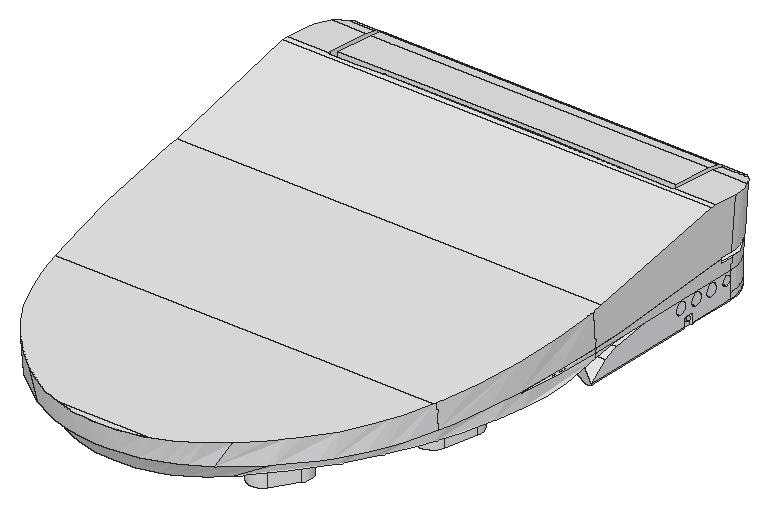
Revit family "Toilet_Seat-Elongated_Closed_Front-Cleansing-KOHLER-C3_1150-K-28362T", category Plumbing Fixtures, host Face, Revit 2021
Family settings
  Host = Face
  Round Connector Dimension = Use Diameter
  Part Type = Normal
  OmniClass Number = 23.31.19.19.17
  OmniClass Title = Water Closet Seats
  Cut with Voids When Loaded = No
  Shared = No
  Room Calculation Point = No
Parameters (values of type "0-White")
  Width = 15 1/16"  # constant formula
  WaterSense Certified = 1 = 0  # no
  Waste Water Outlet = "Waste Water Outlet"  # constant formula
  Waste Connection = 1 = 0  # no
  Voltage = 220 V  # constant formula
  Vent Connection = 1 = 0  # no
  URL = "http://www.kohler.com.cn/"
  Type = 1
  Seat Included = 1 = 1  # yes
  Rough-In = 0"
  Product Page URL = ""
  Product Name = "C3-1150"  # constant formula
  Product Documentation Link = ""
  Pressure = 0.00 psi
  Model = "K-28362T-0"  # constant formula
  Material = "Plastic"  # constant formula
  Master Format 2014 Name = "Residential Water Closets"  # constant formula
  Master Format 2014 = "22 41 13.13"  # constant formula
  Manufacturer Address = "Kohler Beijing Office (100016) 36-2-03-B, No. 88, Liuxiang Road, Beijing"  # constant formula
  Manufacturer = "Kohler Co."  # constant formula
  Length = 20 111/256"  # constant formula
  Hot Water Inlet = "Hot Water Inlet"  # constant formula
  Height = 3.56693"  # constant formula
  HW Connection = 1 = 0  # no
  Flush Rate- LPF = "LPF"  # constant formula
  Flush Rate- GPF = "GPF"  # constant formula
  Flow Rate = 0 GPM
  Finish = Kohler-Plastic-0-White
  Environmental Product Declaration = ""
  Electrical Note = "One Dedicated Circuit Required"  # constant formula
  Electrical Connector = 1 = 1  # yes
  Description = "C3-680 Cleansing Seat"  # constant formula
  Default Elevation = 15"
  Declare Label = ""
  Date Modified = "11/27/2022"  # constant formula
  Date Created = "11/27/2022"  # constant formula
  Copyright = "Copyright Kohler Co."  # constant formula
  Contact Us = "http://www.kohler.com.cn/contact/contact-us/"
  Cold Water Inlet = "Cold Water Inlet"  # constant formula
  CW Connection = 1 = 1  # yes
  Assembly Code = "D2010100"
  Apparent Load = 780 VA  # constant formula
  ADA Compliant = 1 = 0  # no
Reference planes (in)
  plane 1 "Center (Front/Back)": y = 0
  plane 2: z = 0
  plane 3 "Center (Left/Right)": x = 0
  plane 4: z = 0
  plane 5: z = 3.56693
  plane 6: x = -7.5315
  plane 7: x = 7.5315
  plane 8: y = -3.56693
  plane 9: x = -3.94094
  plane 10: x = 3.94094
  plane 11: y = -6.46885
  plane 12: y = -17.89011
  plane 13: y = -0.80315
  plane 14: z = 0
  plane 15: z = 3.56693
  plane 16: z = 1.81102
  plane 17: z = 1.43701
  plane 18: z = 2.77843
  plane 19: z = 0.87826
  plane 20: z = 0.41589
  plane 21: z = -0.91732
  plane 22: y = -20.43359
  plane 23: z = 0.41589
  plane 24: z = 0.87
  plane 25: x = 7.531
  plane 26: y = -2.45809
  plane 27: y = -3.41243
  plane 28: x = 7.31333
  plane 29: x = -7.31333
  plane 30: z = 1.05051
  plane 31: z = 0.4528
  plane 32: z = 0.4528
  plane 33: z = 0.4528
Forms (in)
  Extrusion 1, void
    sketch origin (0, 0, 0) x (0, 1, 0) y (0, 0, 1)
      loop
        line (-4.64786, -1.0251) -> (-3.53436, 0.0884) -> (-5.5782, 0.0884) -> (-4.64786, -1.0251)
    from -1.06073 to 1.10921
  Extrusion 2, void
    sketch origin (0.26563, 0, 0) x (1, 0, 0) y (0, 1, 0)
      loop
        circle (-1.51517, -5.13822) r 0.17977
    from -0.08081 to 0.12172
Dimensions and locks (in)
  host face to plane 4 = 0"
  "Height": level to plane 5
  plane 9 to plane 10 = 7.88189"
  plane 11 to plane 12 = 11.42126"
  level to plane 16 = 1.81102"
  level to plane 17 = 1.43701"
  "Length": plane 22 to plane 1 "Center (Front/Back)"
  "Width": plane 6 to plane 25
  aligned and locked: plane 2 to host face
  aligned and locked: level to host face
  aligned and locked: plane 3 "Center (Left/Right)" to nested 1
  aligned and locked: plane 1 "Center (Front/Back)" to nested 1
  aligned and locked: nested 1 to plane 14
  aligned and locked: plane 14 to level
Automatic sketch dimensions
  host sketch curve to host sketch curve = 96"  (x2)
  Extrusion 2 sketch curve to plane 3 "Center (Left/Right)" = 1.24954"
  plane 11 to Extrusion 2 sketch curve = 1.33063"
  plane 8 to Extrusion 1 sketch curve = 0.03257"
  level to Extrusion 1 sketch curve = 0.0884"
  plane 21 to Extrusion 1 sketch curve = 0.10778"
  Extrusion 1 sketch curve to plane 8 = 1.08093"
  plane 11 to Extrusion 1 sketch curve = 0.89065"
  radius of Extrusion 2 sketch curve = 0.17977"
Nested families (in)
  nested 1: "K-28362T" at (0, 0, -0.91732), type "K-28362T"
Connectors (in)
  piping at (-7.31333, -2.45809, 1.05051), diameter 0.5, driven by "CW Connection", driven by "Cold Water Inlet"
    settings: on nested 1, index 2, connector inside diameter 24", connector length 0", flow factor 0, pipe flow 0 GPM, pressure drop 0.00 psi, fitting loss kfactor 0, connector angle 0.00°, fixture units 0, engagement length 0", angle of deflection 0.00°, flow configuration 0, flow direction 1, fitting loss method 0, system type 20, joint type 0, gender type 0, connector reference index -1, connector utility 1, adjustable connector no, is connector primary yes, connector description "Cold Water Inlet"
  electrical at (7.31333, -3.41243, 0.4528), driven by "Electrical Connector", driven by "Electrical Note", driven by "Voltage", driven by "Apparent Load"
    settings: on nested 1, index 3, voltage 220 V, apparent load 780 VA, apparent load phase1 0 VA, apparent load phase2 0 VA, apparent load phase3 0 VA, power factor 1, load classification "Power", number of poles 1, system type 30, power factor state 1, is connector primary yes, connector utility yes, sub classification motor no, connector description "One Dedicated Circuit Required"
Definition of nested family "K-28362T"
  Parameters (values of type "K-28362T")
    Material = none
    HC = no
    Default Elevation = 0"
  Reference planes (in)
    plane 1 "Center (Front/Back)": y = 0
    plane 2: z = 0
    plane 3 "Center (Left/Right)": x = 0
    plane 4 "A": through (0, -4.15406, 2.4332) normal (0, -0.2824, 0.9593)
    plane 5 "1": through (0, -4.44479, 3.48686) normal (0, -0.2272, 0.9739)
    plane 6: z = 1.12782
    plane 7: z = 3.95289
    plane 8: z = 0
    plane 9: x = -7.5315
    plane 10: x = 7.5315
    plane 11: y = -20.43307
    plane 12: y = -0.80315
    plane 13 "4": through (0, -4.94768, 0.41919) normal (0, -0.7071, -0.7071)
    plane 14 "2": through (0, -4.38689, 0.22976) normal (0, -0.7071, 0.7071)
    plane 15: y = -6.46885
    plane 16: y = -17.89011
    plane 17: x = 3.94094
    plane 18: x = -3.94094
    plane 19: z = 4.48425
    plane 20: z = 0.91732
    plane 21: y = -37.30315
    plane 22: z = 2.72835
    plane 23: z = 2.35433
    plane 24: y = -2.53191
    plane 25: x = 7.50124
    plane 26: x = -7.50327
    plane 27: z = 3.69575
    plane 28: y = 0
    plane 29: y = -3.41243
    plane 30: z = 1.33321
    plane 31: z = 0
    plane 32: z = 1.78733
    plane 33: x = 7.31333
    plane 34: x = -7.31333
    plane 35: y = -2.45809
    plane 36: z = 1.37012
    plane 37: z = 1.96783
  Forms (in)
    Extrusion 1, void
      sketch origin (0, 0, 0) x (1, 0, 0) y (0, 1, 0)
        loop
          line (5.91841, 0.5055) -> (5.91841, -2.22794)
          arc (5.91841, -2.22794) -> (0, -2.17361) -> (-5.91841, -2.2281) r 321.9074
          line (-5.91841, -2.2281) -> (-5.91841, 0.60393) -> (-6.08082, 0.60393) -> (-6.08082, -2.36326)
          arc (-6.08082, -2.36326) -> (-6.03838, -2.46298) -> (-5.93709, -2.50153) r 0.13837
          arc (-5.93709, -2.50153) -> (0.0003, -2.38675) -> (5.93768, -2.50202) r 153.30301
          arc (5.93768, -2.50202) -> (6.03855, -2.46363) -> (6.08082, -2.36433) r 0.1378
          line (6.08082, -2.36433) -> (6.08082, 0.5055) -> (5.91841, 0.5055)
      from 2.68112 to 7.6623
    Extrusion 2, solid, material <- "Material", detail levels medium+fine
      sketch origin (0, 0, 0) x (0, 1, 0) y (0, 0, 1)
        loop
          line (-5.47875, 1.05493) -> (-4.56243, 0.02686) -> (-3.53436, 1.05493) -> (-5.47875, 1.05493)
      from -1.02586 to 1.06291
    Sweep 3, solid, material <- "Material", detail levels medium+fine
      path origin (0, 0, 0) x (1, 0, 0) y (0, 1, 0)
        loop
          line (7.31333, -8.16841) -> (7.31333, -1.5748)
          arc (7.31333, -1.5748) -> (6.85208, -0.46125) -> (5.73853, 0) r 1.5748
          line (5.73853, 0) -> (-5.81333, 0)
          arc (-5.81333, 0) -> (-6.87399, -0.43934) -> (-7.31333, -1.5) r 1.5
          line (-7.31333, -1.5) -> (-7.31333, -7.99606)
      profile origin (-7.31333, -4.74803, 0) x (1, 0, 0) y (0, 0, 1)
        loop
          line (0, 1.38413) -> (0, 1.15841)
          arc (0, 1.15841) -> (0.00565, 1.13731) -> (0.0211, 1.12186) r 0.0422
          line (0.0211, 1.12186) -> (0.33319, 0.94168)
          arc (0.33319, 0.94168) -> (0.37703, 0.92352) -> (0.42408, 0.91732) r 0.18179
          line (0.42408, 0.91732) -> (0.68301, 0.91732) -> (0.68301, 1.38413) -> (0, 1.38413)
    Extrusion 4, solid, material <- "Material", detail levels medium+fine
      sketch origin (0, 0, 0) x (1, 0, 0) y (0, 1, 0)
        loop
          arc (-5.95669, -0.68301) -> (-6.58728, -0.94421) -> (-6.84848, -1.5748) r 0.89179
          line (-6.84848, -1.5748) -> (-6.84848, -7.99606) -> (6.84848, -7.99606) -> (6.84848, -1.5748)
          arc (6.84848, -1.5748) -> (6.58728, -0.94421) -> (5.95669, -0.68301) r 0.89179
          line (5.95669, -0.68301) -> (-5.95669, -0.68301)
      from 0.91732 to 1.38413
    Extrusion 5, void
      sketch origin (0, 0, -0.05469) x (1, 0, 0) y (0, 0, 1)
        loop
          arc (-6.49631, 2.77136) -> (-6.26963, 2.7976) -> (-6.04144, 2.79893) r 2.08579
          line (-6.04144, 2.79893) -> (-6.04144, 3.13675)
          arc (-6.04144, 3.13675) -> (-6.21672, 3.13193) -> (-6.39033, 3.1073) r 1.5473
          arc (-6.39033, 3.1073) -> (-6.69483, 3.02189) -> (-6.98292, 2.89143) r 2.086
          arc (-6.98292, 2.89143) -> (-7.15579, 2.80875) -> (-7.3367, 2.74553) r 1.74393
          arc (-7.3367, 2.74553) -> (-7.44785, 2.71734) -> (-7.56062, 2.69652) r 1.74393
          arc (-7.56062, 2.69652) -> (-7.7236, 2.64352) -> (-7.89164, 2.60989) r 1.46679
          arc (-7.89164, 2.60989) -> (-7.81686, 2.5539) -> (-7.72802, 2.52499) r 0.28594
          arc (-7.72802, 2.52499) -> (-7.50668, 2.51864) -> (-7.29034, 2.56584) r 0.91167
          arc (-7.29034, 2.56584) -> (-6.8976, 2.68514) -> (-6.49631, 2.77136) r 4.93078
        loop
          arc (6.49631, 2.77136) -> (6.8976, 2.68514) -> (7.29034, 2.56584) r 4.93078
          arc (7.29034, 2.56584) -> (7.50668, 2.51864) -> (7.72802, 2.52499) r 0.91167
          arc (7.72802, 2.52499) -> (7.81686, 2.5539) -> (7.89164, 2.60989) r 0.28594
          arc (7.89164, 2.60989) -> (7.7236, 2.64352) -> (7.56062, 2.69652) r 1.46679
          arc (7.56062, 2.69652) -> (7.44785, 2.71734) -> (7.3367, 2.74553) r 1.74393
          arc (7.3367, 2.74553) -> (7.15579, 2.80875) -> (6.98292, 2.89143) r 1.74393
          arc (6.98292, 2.89143) -> (6.69483, 3.02189) -> (6.39033, 3.1073) r 2.086
          arc (6.39033, 3.1073) -> (6.21672, 3.13193) -> (6.04144, 3.13675) r 1.5473
          line (6.04144, 3.13675) -> (6.04144, 2.79893)
          arc (6.04144, 2.79893) -> (6.26963, 2.7976) -> (6.49631, 2.77136) r 2.08579
      from -0.13429 to 2.04421
    Extrusion 6, solid, material <- "Material"
      sketch origin (0.08093, 0, 0) x (1, 0, 0) y (0, 1, 0)
        loop
          arc (6.28907, -11.44968) -> (5.90327, -10.79419) -> (5.22825, -11.14469) r 0.55268
          line (5.22825, -11.14469) -> (4.95538, -12.32661)
          arc (4.95538, -12.32661) -> (5.3684, -12.98759) -> (6.02937, -12.57456) r 0.55112
          line (6.02937, -12.57456) -> (6.28907, -11.44968)
        loop
          line (-6.48592, -11.44968) -> (-6.22622, -12.57456)
          arc (-6.22622, -12.57456) -> (-5.56525, -12.98759) -> (-5.15223, -12.32661) r 0.55112
          line (-5.15223, -12.32661) -> (-5.4251, -11.14469)
          arc (-5.4251, -11.14469) -> (-6.10012, -10.79419) -> (-6.48592, -11.44968) r 0.55268
      from 0.91732 to 1.49291
    Extrusion 7, void
      sketch origin (0, 0, 0) x (0, 1, 0) y (0, 0, 1)
        loop
          arc (-2.44346, 4.58365) -> (-1.61512, 4.52879) -> (-0.7883, 4.45443) r 35.22946
          arc (-0.7883, 4.45443) -> (-0.58901, 4.42749) -> (-0.39192, 4.38749) r 3.05569
          arc (-0.39192, 4.38749) -> (-0.1827, 4.2592) -> (-0.09013, 4.03191) r 0.3937
          line (-0.09013, 4.03191) -> (0.07757, 1.63366) -> (0.51402, 1.63366) -> (0.51402, 5.25794) -> (-21.08788, 5.25794) -> (-21.08788, 2.86459)
          arc (-21.08788, 2.86459) -> (-20.4862, 2.86495) -> (-19.88453, 2.86704) r 210.34624
          arc (-19.88453, 2.86704) -> (-16.80236, 2.90473) -> (-13.72108, 2.98757) r 210.34624
          arc (-13.72108, 2.98757) -> (-10.53082, 3.18691) -> (-7.35688, 3.56574) r 56.6922
          arc (-7.35688, 3.56574) -> (-4.98208, 3.99197) -> (-2.63781, 4.56267) r 39.42662
          arc (-2.63781, 4.56267) -> (-2.54148, 4.58104) -> (-2.44346, 4.58365) r 0.60644
      from -9.62549 to 9.84252
    Extrusion 8, void
      sketch origin (0, 0, 0) x (1, 0, 0) y (0, 0, 1)
        loop
          line (3.62375, 2.99049) -> (3.62375, 1.61254) -> (5.63601, 1.61254) -> (5.63601, 2.99049) -> (3.62375, 2.99049)
        loop
          arc (3.64344, 3.06923) -> (3.57384, 3.0404) -> (3.54501, 2.9708) r 0.09843
          line (3.54501, 2.9708) -> (3.54501, 1.63222)
          arc (3.54501, 1.63222) -> (3.57384, 1.56262) -> (3.64344, 1.5338) r 0.09843
          line (3.64344, 1.5338) -> (5.65324, 1.5338)
          arc (5.65324, 1.5338) -> (5.72284, 1.56262) -> (5.75166, 1.63222) r 0.09843
          line (5.75166, 1.63222) -> (5.75166, 2.9708)
          arc (5.75166, 2.9708) -> (5.72284, 3.0404) -> (5.65324, 3.06923) r 0.09843
          line (5.65324, 3.06923) -> (3.64344, 3.06923)
      from -0.39237 to 0.16455
    Revolve 9, solid, material <- "Material", detail levels medium+fine
      sketch origin (0, 0, 0) x (0, 1, 0) y (0, 0, 1)
        loop
          line (-4.68887, -0.0024) -> (-4.53157, 0.08124) -> (-4.96245, 0.51212) -> (-4.68887, -0.0024)
        axis (-4.96245, 0.51212) -> (-4.53157, 0.08124)
      angle from 0 to 360
    Extrusion 10, void
      sketch origin (0, -2.26425, -2.26425) x (0, -0.707107, 0.707107) y (-1, 0, 0)
        loop
          line (4.40423, 0.84314) -> (4.52101, 0.87443) -> (2.89015, 0.87443) -> (2.89015, -0.87669) -> (4.52101, -0.87669) -> (4.52101, -0.8454) -> (3.087, -0.8454) -> (3.087, 0.84314) -> (4.40423, 0.84314)
      from -0.09025 to 0.67689
    Extrusion 11, void
      sketch origin (0, -2.30833, 2.30833) x (0, 0.707107, 0.707107) y (-1, 0, 0)
        loop
          line (-3.1742, -1.21901) -> (-3.1742, 1.19132) -> (-3.43784, 1.19132) -> (-3.43784, -1.21901) -> (-3.1742, -1.21901)
      from -0.09514 to 0.23435
    Extrusion 12, solid, material <- "Material"
      sketch origin (0, 0, 0) x (1, 0, 0) y (0, 1, 0)
        loop
          line (-4.25501, -16.52036) -> (-3.70463, -17.33634)
          arc (-3.70463, -17.33634) -> (-3.02144, -17.46914) -> (-2.88865, -16.78596) r 0.49213
          line (-2.88865, -16.78596) -> (-3.43903, -15.96997)
          arc (-3.43903, -15.96997) -> (-4.12222, -15.83718) -> (-4.25501, -16.52036) r 0.49213
        loop
          arc (4.25964, -16.52036) -> (4.12684, -15.83718) -> (3.44366, -15.96997) r 0.49213
          line (3.44366, -15.96997) -> (2.89327, -16.78596)
          arc (2.89327, -16.78596) -> (3.02607, -17.46914) -> (3.70925, -17.33634) r 0.49213
          line (3.70925, -17.33634) -> (4.25964, -16.52036)
      from 0.91732 to 1.49291
    Extrusion 13, void
      sketch origin (0, -0.24606, 0) x (1, 0, 0) y (0, 1, 0)
        loop
          arc (-3.01457, -5.68304) -> (-5.74362, -6.60076) -> (-8.24284, -8.03037) r 14.77384
          line (-8.24284, -8.03037) -> (8.17796, -8.03037)
          arc (8.17796, -8.03037) -> (4.92674, -6.1476) -> (1.25856, -5.33535) r 12.28646
          arc (1.25856, -5.33535) -> (-0.89068, -5.35337) -> (-3.01457, -5.68304) r 14.77384
      from -1.71563 to 1.71758
    Extrusion 14, void
      sketch origin (0, 0, 0) x (0, 1, 0) y (0, 0, 1)
        loop
          line (-8.59995, 0.37029) -> (-7.01965, 1.65)
          arc (-7.01965, 1.65) -> (-6.79687, 1.78589) -> (-6.54621, 1.85846) r 0.98425
          arc (-6.54621, 1.85846) -> (-5.49558, 2.03486) -> (-4.45175, 2.24789) r 30.46563
          arc (-4.45175, 2.24789) -> (-5.5682, 2.14306) -> (-6.68491, 2.04112) r 433.66908
          arc (-6.68491, 2.04112) -> (-7.37733, 1.94727) -> (-8.05852, 1.79159) r 7.77016
          arc (-8.05852, 1.79159) -> (-8.74373, 1.64) -> (-9.44096, 1.56027) r 6.75965
          arc (-9.44096, 1.56027) -> (-10.3103, 1.51257) -> (-11.18022, 1.47726) r 61.15216
          arc (-11.18022, 1.47726) -> (-12.35109, 1.44412) -> (-13.52225, 1.42306) r 113.58514
          arc (-13.52225, 1.42306) -> (-14.6389, 1.41231) -> (-15.75559, 1.40873) r 174.11127
          line (-15.75559, 1.40873) -> (-19.66799, 1.40873)
          arc (-19.66799, 1.40873) -> (-20.43129, 1.42997) -> (-21.19222, 1.49363) r 13.72485
          line (-21.19222, 1.49363) -> (-21.19222, 0.1505) -> (-8.59995, 0.37029)
      from -8.53725 to 9.58816
    Extrusion 15, void
      sketch origin (0, 0, 0) x (0, 1, 0) y (0, 0, -1)
        loop
          line (-2.04421, -2.64648) -> (-2.01591, -2.61818)
          arc (-2.01591, -2.61818) -> (-4.18902, -2.35864) -> (-6.3741, -2.23539) r 35.00923
          arc (-6.3741, -2.23539) -> (-8.43404, -2.17117) -> (-10.49304, -2.08188) r 169.35089
          arc (-10.49304, -2.08188) -> (-11.97639, -2.03188) -> (-13.46057, -2.02857) r 47.17689
          arc (-13.46057, -2.02857) -> (-15.19471, -2.0536) -> (-16.9288, -2.08188) r 927.827
          line (-16.9288, -2.08188) -> (-12.99405, -2.08188)
          arc (-12.99405, -2.08188) -> (-11.7449, -2.10586) -> (-10.49607, -2.14301) r 118.48811
          arc (-10.49607, -2.14301) -> (-8.43563, -2.21006) -> (-6.37489, -2.26688) r 415.27458
          arc (-6.37489, -2.26688) -> (-4.20363, -2.38916) -> (-2.04421, -2.64648) r 34.88561
      from -9.69979 to -5.91841
    Extrusion 16, void
      sketch origin (0, 0, 0) x (1, 0, 0) y (0, 1, 0)
        loop
          arc (-3.13197, -7.40143) -> (-3.65095, -7.99233) -> (-3.97572, -8.70859) r 2.67568
          arc (-3.97572, -8.70859) -> (-4.18662, -9.98022) -> (-4.10502, -11.26663) r 5.67325
          arc (-4.10502, -11.26663) -> (-3.70389, -13.11659) -> (-3.16953, -14.93254) r 26.05869
          arc (-3.16953, -14.93254) -> (-2.51301, -16.26917) -> (-1.52589, -17.38415) r 5.5713
          arc (-1.52589, -17.38415) -> (0.01763, -17.95819) -> (1.56115, -17.38415) r 2.3622
          arc (1.56115, -17.38415) -> (2.54828, -16.26917) -> (3.20479, -14.93254) r 5.5713
          arc (3.20479, -14.93254) -> (3.73916, -13.11659) -> (4.14028, -11.26663) r 26.05869
          arc (4.14028, -11.26663) -> (4.22188, -9.98022) -> (4.01099, -8.70859) r 5.67325
          arc (4.01099, -8.70859) -> (3.68622, -7.99233) -> (3.16724, -7.40143) r 2.67568
          arc (3.16724, -7.40143) -> (0.01763, -6.24708) -> (-3.13197, -7.40143) r 4.87396
      from 0.45537 to 2.32037
    Extrusion 17, solid, material <- "Material", detail levels medium+fine
      sketch origin (0, 0, 0) x (1, 0, 0) y (0, 1, 0)
        loop
          line (6.99399, -6.34927) -> (6.99399, -3.33566) -> (-6.90799, -3.33566) -> (-6.90799, -6.34927)
          arc (-6.90799, -6.34927) -> (0.043, -5.24838) -> (6.99399, -6.34927) r 22.49465
      from 1.77908 to 2.08188
    Extrusion 18, void
      sketch origin (0, 0, 0) x (0, 1, 0) y (0, 0, 1)
        loop
          arc (-1.75643, 1.78851) -> (-2.44933, 2.4487) -> (-3.12425, 1.77014) r 0.68413
          line (-3.12425, 1.77014) -> (-3.12425, 1.27281) -> (-3.03539, 1.27281) -> (-3.03539, 1.0267) -> (-2.9505, 1.0267) -> (-2.9435, 1.22721)
          arc (-2.9435, 1.22721) -> (-2.9291, 1.25955) -> (-2.89629, 1.27281) r 0.04724
          line (-2.89629, 1.27281) -> (-1.93905, 1.27281)
          arc (-1.93905, 1.27281) -> (-1.90565, 1.25897) -> (-1.89181, 1.22556) r 0.04724
          line (-1.89181, 1.22556) -> (-1.89181, 1.0267) -> (-1.80976, 1.0267) -> (-1.81979, 1.31399) -> (-1.73986, 1.31399) -> (-1.75643, 1.78851)
      from -7.717 to -7.26433
    Extrusion 19, void
      sketch origin (0, 0, 0) x (0, 1, 0) y (0, 0, 1)
        loop
          arc (-3.21131, 1.41207) -> (-3.23438, 1.46775) -> (-3.29005, 1.49081) r 0.07874
          line (-3.29005, 1.49081) -> (-3.54651, 1.49081)
          arc (-3.54651, 1.49081) -> (-3.60219, 1.46775) -> (-3.62525, 1.41207) r 0.07874
          line (-3.62525, 1.41207) -> (-3.62525, 0.99722) -> (-3.21131, 0.99722) -> (-3.21131, 1.41207)
        loop
          circle (-3.42184, 1.31728) r 0.05906
      from -7.85962 to -7.26433
    Extrusion 20, void
      sketch origin (0, 0, 0) x (1, 0, 0) y (0, 0, 1)
        loop
          line (3.42335, 1.45052) -> (1.41798, 1.45052) -> (1.41798, 0.8935) -> (3.42335, 0.9986) -> (3.42335, 1.45052)
        loop
          line (-3.31542, 1.36631) -> (-3.31542, 0.77576) -> (-1.43891, 0.77576) -> (-1.43891, 1.36631) -> (-3.31542, 1.36631)
      from -0.72251 to 0.16455
    Extrusion 21, void
      sketch origin (0, 0, 0) x (1, 0, 0) y (0, 0, 1)
        loop
          arc (0.18328, 1.66189) -> (0.00181, 1.84336) -> (-0.17967, 1.66189) r 0.18147
          line (-0.17967, 1.66189) -> (-0.17967, 0.77576) -> (0.18328, 0.77576) -> (0.18328, 1.66189)
        loop
          circle (0.00181, 1.66189) r 0.0663
        loop
          arc (-6.01751, 1.58807) -> (-6.19898, 1.76955) -> (-6.38045, 1.58807) r 0.18147
          line (-6.38045, 1.58807) -> (-6.38045, 0.77576) -> (-6.01751, 0.77576) -> (-6.01751, 1.58807)
        loop
          circle (-6.19898, 1.58807) r 0.0663
        loop
          arc (6.38407, 1.58807) -> (6.20259, 1.76955) -> (6.02112, 1.58807) r 0.18147
          line (6.02112, 1.58807) -> (6.02112, 0.75499) -> (6.38407, 0.75499) -> (6.38407, 1.58807)
        loop
          circle (6.20259, 1.58807) r 0.0663
      from -0.41876 to 0.16455
    Extrusion 22, void
      sketch origin (0, 0, 0) x (0, 1, 0) y (0, 0, 1)
        loop
          circle (-3.74729, 1.83353) r 0.20472
        loop
          circle (-3.06994, 1.83353) r 0.20472
        loop
          circle (-2.41479, 1.83353) r 0.20472
        loop
          circle (-1.75244, 1.83353) r 0.15748
        loop
          line (-3.62584, 1.41402) -> (-3.62584, 0.85381) -> (-3.20754, 0.85381) -> (-3.20754, 1.41402)
          arc (-3.20754, 1.41402) -> (-3.2306, 1.4697) -> (-3.28628, 1.49276) r 0.07874
          line (-3.28628, 1.49276) -> (-3.5471, 1.49276)
          arc (-3.5471, 1.49276) -> (-3.60278, 1.4697) -> (-3.62584, 1.41402) r 0.07874
        loop
          circle (-3.74729, 1.83353) r 0.19685
        loop
          circle (-3.06994, 1.83353) r 0.19685
        loop
          circle (-2.41479, 1.83353) r 0.19685
        loop
          circle (-1.75244, 1.83353) r 0.14961
      from 7.15244 to 7.84264
    Extrusion 23, solid, material <- "Material", detail levels medium+fine
      sketch origin (0, 0.07382, 0.17224) x (0, 1, 0) y (0, 0, 1)
        loop
          circle (-2.53191, 1.79559) r 0.19685
      from -7.31333 to -7.24747
    Extrusion 24, solid, material <- "Material"
      sketch origin (0.30664, 0, 0) x (1, 0, 0) y (0, 1, 0)
        loop
          circle (-1.55618, -5.13822) r 0.1702
      from 0.84881 to 0.91732
    Blend 25, solid, material <- "Material", detail levels medium+fine
      base sketch origin (0, 0, 0) x (1, 0, 0) y (0, 1, 0)
        loop
          line (-7.31333, -1.5748) -> (-7.31333, -7.46952)
          arc (-7.31333, -7.46952) -> (-7.06697, -11.05046) -> (-6.33252, -14.56392) r 26.14799
          arc (-6.33252, -14.56392) -> (-5.03506, -17.1877) -> (-2.87868, -19.16702) r 7.97865
          arc (-2.87868, -19.16702) -> (0.16449, -19.97981) -> (3.141, -18.94933) r 5.37906
          arc (3.141, -18.94933) -> (5.40289, -16.56202) -> (6.66704, -13.52602) r 9.08795
          arc (6.66704, -13.52602) -> (7.1513, -10.51497) -> (7.31333, -7.46952) r 28.70152
          line (7.31333, -7.46952) -> (7.31333, -1.5748)
          arc (7.31333, -1.5748) -> (6.85208, -0.46125) -> (5.73853, 0) r 1.5748
          line (5.73853, 0) -> (-5.73853, 0)
          arc (-5.73853, 0) -> (-6.85208, -0.46125) -> (-7.31333, -1.5748) r 1.5748
      top sketch origin (0, 0, 0) x (1, 0, 0) y (0, 1, 0)
        loop
          line (-7.5315, -1.5748) -> (-7.5315, -7.90027)
          arc (-7.5315, -7.90027) -> (-7.22961, -11.47029) -> (-6.33252, -14.93892) r 21.25984
          arc (-6.33252, -14.93892) -> (-5.51719, -16.76571) -> (-4.4134, -18.43412) r 12.16097
          arc (-4.4134, -18.43412) -> (0.21858, -20.58097) -> (4.68432, -18.10685) r 5.63676
          arc (4.68432, -18.10685) -> (5.83833, -16.08061) -> (6.66704, -13.90102) r 15.11957
          arc (6.66704, -13.90102) -> (7.31427, -10.93162) -> (7.5315, -7.90027) r 21.25984
          line (7.5315, -7.90027) -> (7.5315, -1.5748)
          arc (7.5315, -1.5748) -> (7.07025, -0.46125) -> (5.95669, 0) r 1.5748
          line (5.95669, 0) -> (-5.95669, 0)
          arc (-5.95669, 0) -> (-7.07025, -0.46125) -> (-7.5315, -1.5748) r 1.5748
      from 2.08188 to 4.81616
    Blend 26, solid, material <- "Material", detail levels medium+fine
      base sketch origin (0, 0, 0) x (1, 0, 0) y (0, 1, 0)
        loop
          line (5.73853, 0) -> (-5.81333, 0)
          arc (-5.81333, 0) -> (-6.87399, -0.43934) -> (-7.31333, -1.5) r 1.5
          line (-7.31333, -1.5) -> (-7.31333, -7.46952)
          arc (-7.31333, -7.46952) -> (-6.2174, -13.20012) -> (-3.08429, -18.12196) r 15.53062
          arc (-3.08429, -18.12196) -> (0.01642, -19.45688) -> (3.11208, -18.1103) r 4.25
          arc (3.11208, -18.1103) -> (6.22499, -13.18959) -> (7.31333, -7.46952) r 15.57591
          line (7.31333, -7.46952) -> (7.31333, -1.5748)
          arc (7.31333, -1.5748) -> (6.85208, -0.46125) -> (5.73853, 0) r 1.5748
      top sketch origin (0, 0, 0) x (1, 0, 0) y (0, 1, 0)
        loop
          line (5.73853, 0) -> (-5.73853, 0)
          arc (-5.73853, 0) -> (-6.85208, -0.46125) -> (-7.31333, -1.5748) r 1.5748
          line (-7.31333, -1.5748) -> (-7.31333, -7.46952)
          arc (-7.31333, -7.46952) -> (-6.55943, -12.69804) -> (-4.35914, -17.50059) r 18.50754
          arc (-4.35914, -17.50059) -> (0.12419, -19.90461) -> (4.54054, -17.37964) r 5.25
          arc (4.54054, -17.37964) -> (6.60707, -12.61488) -> (7.31333, -7.46952) r 19.09608
          line (7.31333, -7.46952) -> (7.31333, -1.5748)
          arc (7.31333, -1.5748) -> (6.85208, -0.46125) -> (5.73853, 0) r 1.5748
      from 1.38413 to 2.08188
    Extrusion 27, void
      sketch origin (0, 0, 0) x (0, 1, 0) y (0, 0, 1)
        loop
          arc (-2.04421, 2.64648) -> (-4.20363, 2.38916) -> (-6.37489, 2.26688) r 34.88561
          arc (-6.37489, 2.26688) -> (-8.43563, 2.21006) -> (-10.49607, 2.14301) r 415.27458
          arc (-10.49607, 2.14301) -> (-11.7449, 2.10586) -> (-12.99405, 2.08188) r 118.48811
          line (-12.99405, 2.08188) -> (-16.9288, 2.08188)
          arc (-16.9288, 2.08188) -> (-15.19471, 2.0536) -> (-13.46057, 2.02857) r 927.827
          arc (-13.46057, 2.02857) -> (-11.97639, 2.03188) -> (-10.49304, 2.08188) r 47.17689
          arc (-10.49304, 2.08188) -> (-8.43404, 2.17117) -> (-6.3741, 2.23539) r 169.35089
          arc (-6.3741, 2.23539) -> (-4.18902, 2.35864) -> (-2.01591, 2.61818) r 35.00923
          line (-2.01591, 2.61818) -> (-2.04421, 2.64648)
      from -9.69979 to -4.58168
    Extrusion 28, solid, material <- "Material", detail levels medium+fine
      sketch origin (0, 0.01845, 0.03691) x (0, 1, 0) y (0, 0, 1)
        loop
          circle (-3.43088, 1.33321) r 0.06821
      from 7.18379 to 7.31333
    Extrusion 29, solid, material <- "Material", detail levels coarse
      sketch origin (0, 0, 0) x (0, 1, 0) y (0, 0, 1)
        loop
          line (-4.56243, 0.02686) -> (-3.67197, 0.91732) -> (-5.45289, 0.91732) -> (-4.56243, 0.02686)
      from -1.02586 to 1.06291
    Extrusion 30, void
      sketch origin (0, 0, 0) x (1, 0, 0) y (0, 1, 0)
        loop
          arc (-3.01457, -5.92911) -> (-4.79958, -6.46155) -> (-6.5034, -7.21437) r 14.77384
          line (-6.5034, -7.21437) -> (6.63221, -7.21437)
          arc (6.63221, -7.21437) -> (4.03994, -6.08673) -> (1.25856, -5.58141) r 12.28646
          arc (1.25856, -5.58141) -> (-0.89068, -5.59943) -> (-3.01457, -5.92911) r 14.77384
      from 1.21979 to 1.91927
    Extrusion 31, solid, material <- "Material", detail levels coarse
      sketch origin (0, 0, 0) x (1, 0, 0) y (0, 1, 0)
        loop
          arc (-7.31333, -7.39455) -> (0.00661, -5.94977) -> (7.31333, -7.45998) r 18.83875
          line (7.31333, -7.45998) -> (7.31333, -1.63273)
          arc (7.31333, -1.63273) -> (6.85208, -0.51918) -> (5.73853, -0.05793) r 1.5748
          line (5.73853, -0.05793) -> (-5.81333, -0.05793)
          arc (-5.81333, -0.05793) -> (-6.87399, -0.49727) -> (-7.31333, -1.55793) r 1.5
          line (-7.31333, -1.55793) -> (-7.31333, -7.39455)
      from 0.91732 to 1.38413
    Blend 32, solid, material <- "Material", detail levels coarse
      base sketch origin (-0.01073, -0.05793, 0) x (1, 0, 0) y (0, 1, 0)
        loop
          line (5.74926, 0) -> (-5.8026, 0)
          arc (-5.8026, 0) -> (-6.86326, -0.43934) -> (-7.3026, -1.5) r 1.5
          line (-7.3026, -1.5) -> (-7.3026, -7.46952)
          arc (-7.3026, -7.46952) -> (-6.20667, -13.20012) -> (-3.07356, -18.12196) r 15.53062
          arc (-3.07356, -18.12196) -> (0.02715, -19.45688) -> (3.12281, -18.1103) r 4.25
          arc (3.12281, -18.1103) -> (6.23572, -13.18959) -> (7.32406, -7.46952) r 15.57591
          line (7.32406, -7.46952) -> (7.32406, -1.5748)
          arc (7.32406, -1.5748) -> (6.86281, -0.46125) -> (5.74926, 0) r 1.5748
      top sketch origin (-0.01073, -0.05793, 0) x (1, 0, 0) y (0, 1, 0)
        loop
          line (5.73853, 0) -> (-5.73853, 0)
          arc (-5.73853, 0) -> (-6.85208, -0.46125) -> (-7.31333, -1.5748) r 1.5748
          line (-7.31333, -1.5748) -> (-7.31333, -7.46952)
          arc (-7.31333, -7.46952) -> (-6.55943, -12.69804) -> (-4.35914, -17.50059) r 18.50754
          arc (-4.35914, -17.50059) -> (0.12419, -19.90461) -> (4.54054, -17.37964) r 5.25
          arc (4.54054, -17.37964) -> (6.60707, -12.61488) -> (7.31333, -7.46952) r 19.09608
          line (7.31333, -7.46952) -> (7.31333, -1.5748)
          arc (7.31333, -1.5748) -> (6.85208, -0.46125) -> (5.73853, 0) r 1.5748
      from 1.38413 to 2.08188
    Blend 33, solid, material <- "Material", detail levels coarse
      base sketch origin (0.05141, -0.05793, 0) x (1, 0, 0) y (0, 1, 0)
        loop
          arc (-5.80067, 0) -> (-6.91422, -0.46125) -> (-7.37547, -1.5748) r 1.5748
          line (-7.37547, -1.5748) -> (-7.37547, -5.70866)
          arc (-7.37547, -5.70866) -> (-7.23918, -9.40589) -> (-6.83104, -13.08305) r 50.21624
          arc (-6.83104, -13.08305) -> (-5.78044, -16.15585) -> (-3.70442, -18.65305) r 8.96814
          arc (-3.70442, -18.65305) -> (0.15076, -19.97434) -> (3.90469, -18.3881) r 5.70866
          arc (3.90469, -18.3881) -> (5.82943, -15.78959) -> (6.78683, -12.70086) r 9.64237
          arc (6.78683, -12.70086) -> (7.13497, -9.19826) -> (7.25119, -5.68032) r 53.30263
          line (7.25119, -5.68032) -> (7.25119, -1.5748)
          arc (7.25119, -1.5748) -> (6.78994, -0.46125) -> (5.67639, 0) r 1.5748
          line (5.67639, 0) -> (-5.80067, 0)
      top sketch origin (0.05141, -0.05793, 0) x (1, 0, 0) y (0, 1, 0)
        loop
          line (-7.5315, -1.5748) -> (-7.5315, -7.90027)
          arc (-7.5315, -7.90027) -> (-7.22961, -11.47029) -> (-6.33252, -14.93892) r 21.25984
          arc (-6.33252, -14.93892) -> (-5.51719, -16.76571) -> (-4.4134, -18.43412) r 12.16097
          arc (-4.4134, -18.43412) -> (0.21858, -20.58097) -> (4.68432, -18.10685) r 5.63676
          arc (4.68432, -18.10685) -> (5.83833, -16.08061) -> (6.66704, -13.90102) r 15.11957
          arc (6.66704, -13.90102) -> (7.31427, -10.93162) -> (7.5315, -7.90027) r 21.25984
          line (7.5315, -7.90027) -> (7.5315, -1.5748)
          arc (7.5315, -1.5748) -> (7.07025, -0.46125) -> (5.95669, 0) r 1.5748
          line (5.95669, 0) -> (-5.95669, 0)
          arc (-5.95669, 0) -> (-7.07025, -0.46125) -> (-7.5315, -1.5748) r 1.5748
      from 2.08188 to 4.81616
  Cuts and joins
    Extrusion 10, Extrusion 11 cuts Extrusion 2
    Extrusion 27 cuts Extrusion 17
    Extrusion 1, Extrusion 5, Extrusion 7, Extrusion 8, Extrusion 15, Extrusion 18, Extrusion 27 cuts Blend 25
    Extrusion 13, Extrusion 14, Extrusion 18, Extrusion 19, Extrusion 20, Extrusion 21, Extrusion 22 cuts Sweep 3
    Extrusion 13, Extrusion 14 cuts Extrusion 4
    Extrusion 8, Extrusion 13, Extrusion 14, Extrusion 16, Extrusion 18, Extrusion 19, Extrusion 20, Extrusion 21, Extrusion 22, Extrusion 27, Extrusion 30 cuts Blend 26
    joined: Sweep 3, Extrusion 4, Blend 26
    Extrusion 14 cuts Blend 32
    Extrusion 7 cuts Blend 33
    joined: Blend 32, Blend 33
    Extrusion 14 cuts Extrusion 31
  Lines and regions (in)
    Masking region 1
      outline origin (0, 0, 0) x (1, 0, 0) y (0, 1, 0)
        loop
          arc (4.20197, -18.63719) -> (5.06646, -17.57973) -> (5.75771, -16.40171) r 8.8395
          arc (5.75771, -16.40171) -> (7.08333, -12.24253) -> (7.5315, -7.90027) r 21.25984
          line (7.5315, -7.90027) -> (7.5315, -1.5748)
          arc (7.5315, -1.5748) -> (7.07025, -0.46125) -> (5.95669, 0) r 1.5748
          line (5.95669, 0) -> (-5.95669, 0)
          arc (-5.95669, 0) -> (-7.07025, -0.46125) -> (-7.5315, -1.5748) r 1.5748
          line (-7.5315, -1.5748) -> (-7.5315, -7.90027)
          arc (-7.5315, -7.90027) -> (-7.08333, -12.24253) -> (-5.75771, -16.40171) r 21.25984
          arc (-5.75771, -16.40171) -> (-5.06646, -17.57973) -> (-4.20197, -18.63719) r 8.8395
          arc (-4.20197, -18.63719) -> (0, -20.43394) -> (4.20197, -18.63719) r 5.81185
    Masking region 2
      outline origin (0, 0, 0) x (0, 1, 0) y (0, 0, 1)
        loop
          arc (-0.10429, 3.93589) -> (-0.19686, 4.16318) -> (-0.40608, 4.29148) r 0.3937
          arc (-0.40608, 4.29148) -> (-0.60316, 4.33147) -> (-0.80246, 4.35842) r 3.05569
          arc (-0.80246, 4.35842) -> (-1.62928, 4.43278) -> (-2.45762, 4.48763) r 35.22946
          arc (-2.45762, 4.48763) -> (-2.55564, 4.48502) -> (-2.65196, 4.46665) r 0.60644
          arc (-2.65196, 4.46665) -> (-4.99624, 3.89596) -> (-7.37103, 3.46972) r 39.42662
          arc (-7.37103, 3.46972) -> (-13.84496, 2.80696) -> (-20.35225, 2.72834) r 72.38254
          arc (-20.35225, 2.72834) -> (-20.41367, 2.70184) -> (-20.43235, 2.63761) r 0.07849
          line (-20.43235, 2.63761) -> (-20.30474, 1.83192)
          arc (-20.30474, 1.83192) -> (-20.28687, 1.79999) -> (-20.25254, 1.78733) r 0.05286
          line (-20.25254, 1.78733) -> (-20.0352, 1.78733) -> (-20.0352, 1.74316) -> (-19.99295, 1.74316) -> (-19.99295, 1.61726)
          arc (-19.99295, 1.61726) -> (-19.98749, 1.592) -> (-19.97207, 1.57125) r 0.06116
          line (-19.97207, 1.57125) -> (-19.51622, 1.17219) -> (-17.48445, 1.19913)
          arc (-17.48445, 1.19913) -> (-17.43664, 1.18571) -> (-17.40377, 1.14848) r 0.08774
          line (-17.40377, 1.14848) -> (-17.38365, 1.10533) -> (-17.33245, 1.10601) -> (-17.29676, 1.00235)
          arc (-17.29676, 1.00235) -> (-17.25077, 0.94076) -> (-17.17756, 0.91732) r 0.12607
          line (-17.17756, 0.91732) -> (-16.04802, 0.91732)
          arc (-16.04802, 0.91732) -> (-15.95983, 0.95116) -> (-15.90678, 1.02932) r 0.15775
          line (-15.90678, 1.02932) -> (-15.87791, 1.1253) -> (-15.8275, 1.12729) -> (-15.81019, 1.16859)
          arc (-15.81019, 1.16859) -> (-15.77881, 1.20708) -> (-15.73157, 1.22238) r 0.08774
          line (-15.73157, 1.22238) -> (-12.97962, 1.29426)
          arc (-12.97962, 1.29426) -> (-12.9355, 1.2813) -> (-12.90728, 1.245) r 0.0749
          line (-12.90728, 1.245) -> (-12.82464, 1.01795)
          arc (-12.82464, 1.01795) -> (-12.76865, 0.94498) -> (-12.68093, 0.91732) r 0.15293
          line (-12.68093, 0.91732) -> (-11.01067, 0.91732)
          arc (-11.01067, 0.91732) -> (-10.91604, 0.94625) -> (-10.85377, 1.02315) r 0.16922
          line (-10.85377, 1.02315) -> (-10.74329, 1.2966)
          arc (-10.74329, 1.2966) -> (-10.0918, 1.30117) -> (-9.44158, 1.34205) r 11.68666
          arc (-9.44158, 1.34205) -> (-8.72431, 1.43337) -> (-8.01545, 1.576) r 10.05401
          arc (-8.01545, 1.576) -> (-7.92729, 1.59748) -> (-7.83932, 1.61976) r 10.05401
          arc (-7.83932, 1.61976) -> (-7.64784, 1.65983) -> (-7.45347, 1.68201) r 2.11229
          arc (-7.45347, 1.68201) -> (-7.15381, 1.71176) -> (-6.85664, 1.76042) r 4.75377
          line (-6.85664, 1.76042) -> (-6.96153, 1.62123) -> (-7.59346, 1.54363) -> (-7.87049, 1.176) -> (-7.83541, 1.176) -> (-7.83541, 1.13476)
          arc (-7.83541, 1.13476) -> (-7.83149, 1.11509) -> (-7.82035, 1.09841) r 0.0514
          line (-7.82035, 1.09841) -> (-7.63926, 0.91732) -> (-5.4169, 0.91732) -> (-4.84854, 0.34896) -> (-4.68625, 0) -> (-3.68462, 0.91732) -> (-0.4668, 0.91732) -> (0, 1.38413) -> (0, 2.44453) -> (-0.10429, 3.93589)
    Masking region 3
      outline origin (0, 0, 0) x (1, 0, 0) y (0, 0, 1)
        loop
          line (-6.9957, 0.91732) -> (-1.41568, 0.91732) -> (-1.41568, 0.85575)
          arc (-1.41568, 0.85575) -> (-1.40871, 0.83892) -> (-1.39188, 0.83195) r 0.0238
          line (-1.39188, 0.83195) -> (-1.10409, 0.83195)
          arc (-1.10409, 0.83195) -> (-1.08952, 0.83799) -> (-1.08348, 0.85256) r 0.02061
          line (-1.08348, 0.85256) -> (-1.08348, 0.91732) -> (-1.02586, 0.91732) -> (-1.02586, 0.35175)
          arc (-1.02586, 0.35175) -> (-0.83573, 0.13631) -> (-0.56495, 0.04016) r 0.57335
          line (-0.56495, 0.04016) -> (-0.26128, 0.04016)
          arc (-0.26128, 0.04016) -> (-0.00109, -0.0024) -> (0.25911, 0.04016) r 0.8166
          line (0.25911, 0.04016) -> (0.56495, 0.04016)
          arc (0.56495, 0.04016) -> (0.83573, 0.13631) -> (1.02586, 0.35175) r 0.57335
          line (1.02586, 0.35175) -> (1.02586, 0.91732) -> (6.9957, 0.91732) -> (7.31333, 1.23495) -> (7.31333, 2.0486)
          arc (7.31333, 2.0486) -> (7.41404, 2.10114) -> (7.49376, 2.18207) r 0.36543
          arc (7.49376, 2.18207) -> (7.52297, 2.24139) -> (7.53149, 2.30696) r 0.2023
          line (7.53149, 2.30696) -> (7.46966, 4.07756)
          arc (7.46966, 4.07756) -> (7.44478, 4.18554) -> (7.38133, 4.27638) r 0.29096
          arc (7.38133, 4.27638) -> (7.33887, 4.31043) -> (7.29081, 4.33597) r 0.29096
          arc (7.29081, 4.33597) -> (7.10217, 4.39672) -> (6.90607, 4.42533) r 1.19041
          arc (6.90607, 4.42533) -> (6.47571, 4.44423) -> (6.04495, 4.44794) r 12.20459
          arc (6.04495, 4.44794) -> (4.5277, 4.45002) -> (3.01082, 4.48375) r 72.753
          spline (3.01082, 4.48375) -> (2.50903, 4.48326) -> (2.00722, 4.48286) -> (1.50539, 4.48254) -> (1.00354, 4.48232) -> (0.50169, 4.48218) -> (-0.00018, 4.48214) -> (-0.50204, 4.48218) -> (-1.0039, 4.48231) -> (-1.50575, 4.48254) -> (-2.00758, 4.48285) -> (-2.50939, 4.48325) -> (-3.01118, 4.48374)
          arc (-3.01118, 4.48374) -> (-4.52787, 4.45002) -> (-6.04494, 4.44794) r 72.753
          arc (-6.04494, 4.44794) -> (-6.4757, 4.44423) -> (-6.90606, 4.42533) r 12.20459
          arc (-6.90606, 4.42533) -> (-7.10216, 4.39672) -> (-7.2908, 4.33597) r 1.19041
          arc (-7.2908, 4.33597) -> (-7.33886, 4.31043) -> (-7.38132, 4.27638) r 0.29096
          arc (-7.38132, 4.27638) -> (-7.44477, 4.18554) -> (-7.46965, 4.07756) r 0.29096
          line (-7.46965, 4.07756) -> (-7.53149, 2.30672)
          arc (-7.53149, 2.30672) -> (-7.52296, 2.24115) -> (-7.49375, 2.18183) r 0.2023
          arc (-7.49375, 2.18183) -> (-7.41404, 2.1009) -> (-7.31333, 2.04835) r 0.36543
          line (-7.31333, 2.04835) -> (-7.31333, 1.23495) -> (-6.9957, 0.91732)
    symbolic lines, detail levels medium+fine
      curve 1: line (-5.95669, 0, 0) -> (-5.95669, -1.87246, 0)
      curve 2: line (5.95669, 0, 0) -> (5.95669, -1.87246, 0)
      curve 3: line (-6.46807, -2.68932, 0) -> (6.46807, -2.68932, 0)
      curve 4: line (-7.5315, -8.20114, 0) -> (-7.45217, -3.6564, 0)
      curve 5: arc (-7.45217, -3.6564, 0) -> (-7.15794, -2.97156, 0) -> (-6.46807, -2.68932, 0) r 0.98425
      curve 6: line (7.5315, -8.20114, 0) -> (7.45217, -3.6564, 0)
      curve 7: arc (7.45217, -3.6564, 0) -> (7.15794, -2.97156, 0) -> (6.46807, -2.68932, 0) r 0.98425
      curve 8: arc (-5.66399, -2.18663, 0) -> (0, -2.387, 0) -> (5.66399, -2.18663, 0) r 80.15289
      curve 9: arc (-5.95669, -1.87246, 0) -> (-5.87218, -2.08715, 0) -> (-5.66399, -2.18663, 0) r 0.31496
      curve 10: arc (5.66399, -2.18663, 0) -> (5.87218, -2.08715, 0) -> (5.95669, -1.87246, 0) r 0.31496
      curve 11: line (5.99606, 0, 0) -> (5.99606, -1.87246, 0)
      curve 12: arc (5.99606, -1.87246, 0) -> (5.90098, -2.11399, 0) -> (5.66677, -2.2259, 0) r 0.35433
      curve 13: arc (5.66677, -2.2259, 0) -> (0, -2.42637, 0) -> (-5.66677, -2.2259, 0) r 80.19226
      curve 14: arc (-5.66677, -2.2259, 0) -> (-5.90098, -2.11399, 0) -> (-5.99606, -1.87246, 0) r 0.35433
      curve 15: line (-5.99606, -1.87246, 0) -> (-5.99606, 0, 0)
      curve 16: line (6.46807, -2.72869, 0) -> (-6.46807, -2.72869, 0)
      curve 17: arc (-6.46807, -2.72869, 0) -> (-7.13034, -2.99964, 0) -> (-7.4128, -3.65709, 0) r 0.94488
      curve 18: line (-7.45552, -6.10457, 0) -> (-7.50529, -8.95556, 0)
      curve 19: arc (7.4128, -3.65709, 0) -> (7.13034, -2.99964, 0) -> (6.46807, -2.72869, 0) r 0.94488
      curve 20: line (7.50529, -8.95556, 0) -> (7.4128, -3.65709, 0)
      curve 21: arc (-3.94094, 0, 2.9252) -> (0, 0, 2.85279) -> (3.94094, 0, 2.9252) r 107.27856
      curve 22: arc (3.94094, 0, 2.9252) -> (5.05436, 0, 2.94783) -> (6.16792, 0, 2.93388) r 33.90816
      curve 23: arc (6.16792, 0, 2.93388) -> (6.68863, 0, 2.9781) -> (7.18598, 0, 3.13855) r 2.30369
      curve 24: arc (7.18598, 0, 3.13855) -> (7.33808, 0, 3.25411) -> (7.42513, 0, 3.42415) r 0.43004
      curve 25: line (7.38042, 0, 4.27725) -> (7.42513, 0, 3.42415)
      curve 26: arc (-3.4659, 0, 2.03717) -> (0, 0, 2.01878) -> (3.4659, 0, 2.03717) r 326.60904
      curve 27: arc (-7.26172, 0, 1.82249) -> (-7.13461, 0, 1.67014) -> (-6.94459, 0, 1.61305) r 0.34481
      curve 28: arc (-6.94459, 0, 1.61305) -> (-6.15481, 0, 1.62281) -> (-5.36552, 0, 1.65208) r 31.95909
      curve 29: arc (-5.36552, 0, 1.65208) -> (-3.89683, 0, 1.72016) -> (-2.42775, 0, 1.77908) r 236.14957
      curve 30: arc (-2.42775, 0, 1.77908) -> (-1.21389, 0, 1.80192) -> (0, 0, 1.78065) r 33.41674
      curve 31: arc (-7.25229, 0, 1.80225) -> (-6.79033, 0, 1.73119) -> (-6.32305, 0, 1.72095) r 3.57811
      curve 32: arc (-6.32305, 0, 1.72095) -> (-5.80227, 0, 1.74681) -> (-5.28184, 0, 1.77908) r 42.32253
      curve 33: arc (-5.28184, 0, 1.77908) -> (-4.88293, 0, 1.8017) -> (-4.48362, 0, 1.81518) r 17.44216
      curve 34: arc (-4.48362, 0, 1.81518) -> (-4.00829, 0, 1.83152) -> (-3.5335, 0, 1.85937) r 19.65357
      curve 35: arc (-3.5335, 0, 1.85937) -> (-1.7678, 0, 1.94596) -> (0, 0, 1.95595) r 40.78232
      curve 36: line (7.43113, 0, 4.2124) -> (7.47268, 0, 3.41964)
      curve 37: arc (7.47268, 0, 3.41964) -> (7.37666, 0, 3.22661) -> (7.20549, 0, 3.09552) r 0.47728
      curve 38: arc (7.20549, 0, 3.09552) -> (6.69794, 0, 2.93179) -> (6.16655, 0, 2.88666) r 2.35093
      curve 39: arc (6.16655, 0, 2.88666) -> (5.05454, 0, 2.90058) -> (3.94268, 0, 2.87798) r 33.86092
      curve 40: arc (3.94268, 0, 2.87798) -> (0, 0, 2.80554) -> (-3.94268, 0, 2.87798) r 107.3258
      curve 41: arc (-6.94459, 0, 1.56581) -> (-7.1041, 0, 1.59972) -> (-7.23601, 0, 1.6956) r 0.39206
      curve 42: arc (-5.36319, 0, 1.6049) -> (-6.15365, 0, 1.57558) -> (-6.94459, 0, 1.56581) r 32.00633
      curve 43: arc (-2.42601, 0, 1.73187) -> (-3.89479, 0, 1.67296) -> (-5.36319, 0, 1.6049) r 236.10233
      curve 44: arc (0, 0, 1.73337) -> (-1.21302, 0, 1.75468) -> (-2.42601, 0, 1.73187) r 33.3695
      curve 45: arc (6.63851, 0, 2.07307) -> (6.10509, 0, 2.03428) -> (5.57048, 0, 2.01865) r 12.34101
      curve 46: arc (5.57048, 0, 2.01865) -> (4.51812, 0, 2.0193) -> (3.4659, 0, 2.03717) r 64.30402
      curve 47: arc (7.52749, 0, 2.42158) -> (7.1075, 0, 2.18483) -> (6.63851, 0, 2.07307) r 1.73138
      curve 48: arc (7.5295, 0, 2.36403) -> (7.10918, 0, 2.13482) -> (6.64296, 0, 2.02603) r 1.77862
      curve 49: arc (6.64296, 0, 2.02603) -> (6.10749, 0, 1.9871) -> (5.57084, 0, 1.97141) r 12.38826
      curve 50: arc (5.57084, 0, 1.97141) -> (4.51812, 0, 1.97205) -> (3.46556, 0, 1.98992) r 64.35126
      curve 51: arc (3.46556, 0, 1.98992) -> (0, 0, 1.97153) -> (-3.46556, 0, 1.98992) r 326.65628
      curve 52: arc (3.94094, 0, 2.9252) -> (0, 0, 2.85279) -> (-3.94094, 0, 2.9252) r 107.27856
      curve 53: arc (-3.94094, 0, 2.9252) -> (-5.05436, 0, 2.94783) -> (-6.16792, 0, 2.93388) r 33.90816
      curve 54: arc (-6.16792, 0, 2.93388) -> (-6.68863, 0, 2.9781) -> (-7.18598, 0, 3.13855) r 2.30369
      curve 55: arc (-7.18598, 0, 3.13855) -> (-7.33808, 0, 3.25411) -> (-7.42513, 0, 3.42415) r 0.43004
      curve 56: line (-7.38042, 0, 4.27724) -> (-7.42513, 0, 3.42415)
      curve 57: arc (-7.47268, 0, 3.41964) -> (-7.37666, 0, 3.22661) -> (-7.20549, 0, 3.09552) r 0.47728
      curve 58: arc (-7.20549, 0, 3.09552) -> (-6.69794, 0, 2.93179) -> (-6.16655, 0, 2.88666) r 2.35093
      curve 59: arc (-6.16655, 0, 2.88666) -> (-5.05454, 0, 2.90058) -> (-3.94268, 0, 2.87798) r 33.86092
      curve 60: arc (-6.63851, 0, 2.07307) -> (-6.10509, 0, 2.03428) -> (-5.57048, 0, 2.01865) r 12.34101
      curve 61: arc (-5.57048, 0, 2.01865) -> (-4.51812, 0, 2.0193) -> (-3.4659, 0, 2.03717) r 64.30402
      curve 62: arc (-7.52748, 0, 2.42157) -> (-7.10749, 0, 2.18482) -> (-6.63851, 0, 2.07307) r 1.73138
      curve 63: arc (-7.52949, 0, 2.36402) -> (-7.10917, 0, 2.13482) -> (-6.64296, 0, 2.02603) r 1.77862
      curve 64: arc (-6.64296, 0, 2.02603) -> (-6.10749, 0, 1.9871) -> (-5.57084, 0, 1.97141) r 12.38826
      curve 65: arc (-5.57084, 0, 1.97141) -> (-4.51812, 0, 1.97205) -> (-3.46556, 0, 1.98992) r 64.35126
      curve 66: arc (7.26584, 0, 1.80528) -> (6.79725, 0, 1.7318) -> (6.32305, 0, 1.72095) r 3.57811
      curve 67: arc (6.32305, 0, 1.72095) -> (5.80227, 0, 1.74681) -> (5.28184, 0, 1.77908) r 42.32253
      curve 68: arc (5.28184, 0, 1.77908) -> (4.88293, 0, 1.8017) -> (4.48362, 0, 1.81518) r 17.44216
      curve 69: arc (4.48362, 0, 1.81518) -> (4.00829, 0, 1.83152) -> (3.5335, 0, 1.85937) r 19.65357
      curve 70: arc (3.5335, 0, 1.85937) -> (1.7678, 0, 1.94596) -> (0, 0, 1.95595) r 40.78232
      curve 71: arc (6.94459, 0, 1.56581) -> (7.08958, 0, 1.5936) -> (7.21401, 0, 1.67304) r 0.39206
      curve 72: arc (5.36319, 0, 1.6049) -> (6.15365, 0, 1.57558) -> (6.94459, 0, 1.56581) r 32.00633
      curve 73: arc (2.42601, 0, 1.73187) -> (3.89479, 0, 1.67296) -> (5.36319, 0, 1.6049) r 236.10233
      curve 74: arc (0, 0, 1.73337) -> (1.21302, 0, 1.75468) -> (2.42601, 0, 1.73187) r 33.3695
      curve 75: arc (7.18154, 0, 1.70736) -> (7.0721, 0, 1.6375) -> (6.94459, 0, 1.61305) r 0.34481
      curve 76: arc (6.94459, 0, 1.61305) -> (6.15481, 0, 1.62281) -> (5.36552, 0, 1.65208) r 31.95909
      curve 77: arc (5.36552, 0, 1.65208) -> (3.89683, 0, 1.72016) -> (2.42775, 0, 1.77908) r 236.14957
      curve 78: arc (2.42775, 0, 1.77908) -> (1.21389, 0, 1.80192) -> (0, 0, 1.78065) r 33.41674
      curve 79: line (-7.47268, 0, 3.41964) -> (-7.47268, 0, 3.77612)
      curve 80: line (-7.31333, 0, 1.33321) -> (-6.2346, 0, 1.33321)
      curve 81: line (-6.26817, 0, 1.4163) -> (-6.09738, 0, 0.99358)
      curve 82: line (-5.15994, 0, 1.28354) -> (-5.27407, 0, 1.00106)
      curve 83: line (-5.98432, 0, 0.91732) -> (-5.39821, 0, 0.91732)
      curve 84: arc (-5.39821, 0, 0.91732) -> (-5.32334, 0, 0.94021) -> (-5.27407, 0, 1.00106) r 0.13389
      curve 85: arc (-6.09738, 0, 0.99358) -> (-6.05251, 0, 0.93817) -> (-5.98432, 0, 0.91732) r 0.12194
      curve 86: line (-6.96647, 0, 1.56642) -> (-6.28993, 0, 1.42094)
      curve 87: arc (-6.28993, 0, 1.42094) -> (-5.71829, 0, 1.32539) -> (-5.14028, 0, 1.28298) r 6.27609
      curve 88: line (-5.14028, 0, 1.28298) -> (-4.42224, 0, 1.26355)
      curve 89: line (-4.40428, 0, 1.1098) -> (-4.45806, 0, 1.25758)
      curve 90: arc (-4.46097, 0, 1.2646) -> (-4.45944, 0, 1.26112) -> (-4.45806, 0, 1.25758) r 0.08872
      curve 91: line (-4.40428, 0, 1.1098) -> (-4.38078, 0, 1.1098)
      curve 92: arc (-4.38078, 0, 1.1098) -> (-4.34963, 0, 0.9765) -> (-4.2262, 0, 0.91732) r 0.15831
      curve 93: line (-3.36073, 0, 1.1098) -> (-3.30434, 0, 1.26473)
      curve 94: line (-3.36073, 0, 1.1098) -> (-3.38423, 0, 1.1098)
      curve 95: arc (-3.38423, 0, 1.1098) -> (-3.41538, 0, 0.9765) -> (-3.53881, 0, 0.91732) r 0.15831
      curve 96: line (-4.2262, 0, 0.91732) -> (-3.53881, 0, 0.91732)
      curve 97: arc (-4.42215, 0, 1.26671) -> (-3.82406, 0, 1.25862) -> (-3.22597, 0, 1.26671) r 22.11212
      curve 98: line (6.26817, 0, 1.4163) -> (6.09738, 0, 0.99358)
      curve 99: line (5.15994, 0, 1.28354) -> (5.27407, 0, 1.00106)
      curve 100: line (5.98432, 0, 0.91732) -> (5.39821, 0, 0.91732)
      curve 101: arc (5.39821, 0, 0.91732) -> (5.32334, 0, 0.94021) -> (5.27407, 0, 1.00106) r 0.13389
      curve 102: arc (6.09738, 0, 0.99358) -> (6.05251, 0, 0.93817) -> (5.98432, 0, 0.91732) r 0.12194
      curve 103: line (6.96647, 0, 1.56642) -> (6.28993, 0, 1.42094)
      curve 104: arc (6.28993, 0, 1.42094) -> (5.71829, 0, 1.32539) -> (5.14028, 0, 1.28298) r 6.27609
      curve 105: line (5.14028, 0, 1.28298) -> (4.42224, 0, 1.26355)
      curve 106: line (4.41083, 0, 1.12782) -> (4.45806, 0, 1.25758)
      curve 107: arc (4.46097, 0, 1.2646) -> (4.45944, 0, 1.26112) -> (4.45806, 0, 1.25758) r 0.08872
      curve 108: line (4.41083, 0, 1.12782) -> (4.37566, 0, 1.12782)
      curve 109: arc (4.37566, 0, 1.12782) -> (4.35528, 0, 0.98398) -> (4.2262, 0, 0.91732) r 0.15831
      curve 110: line (3.35418, 0, 1.12782) -> (3.30695, 0, 1.25758)
      curve 111: arc (3.30398, 0, 1.26474) -> (3.30554, 0, 1.26119) -> (3.30695, 0, 1.25758) r 0.08872
      curve 112: line (3.35418, 0, 1.12782) -> (3.38935, 0, 1.12782)
      curve 113: arc (3.38935, 0, 1.12782) -> (3.40973, 0, 0.98398) -> (3.53881, 0, 0.91732) r 0.15831
      curve 114: line (4.2262, 0, 0.91732) -> (3.53881, 0, 0.91732)
      curve 115: arc (4.42215, 0, 1.26671) -> (3.82406, 0, 1.25862) -> (3.22597, 0, 1.26671) r 22.11212
      curve 116: arc (-3.22597, 0, 1.26671) -> (0, 0, 1.31035) -> (3.22597, 0, 1.26671) r 119.26824
      curve 117: line (-1.02586, 0, 1.02814) -> (1.02586, 0, 1.02814)
      curve 118: line (-1.41568, 0, 0.91732) -> (-1.08348, 0, 0.91732)
      curve 119: line (-0.82901, 0, 1.02814) -> (-0.82901, 0, 1.27829)
      curve 120: line (-0.86683, 0, 1.27829) -> (0, 0, 1.27829)
      curve 121: line (-0.86683, 0, 1.02814) -> (-0.86683, 0, 1.27829)
      curve 122: line (-0.87443, 0, 1.02814) -> (-0.87443, 0, 0.16496)
      curve 123: line (-0.84314, 0, 0.1414) -> (-0.84314, 0, 1.02814)
      curve 124: line (0.8454, 0, 1.02814) -> (0.8454, 0, 0.14299)
      curve 125: line (0.87669, 0, 0.16679) -> (0.87669, 0, 1.02814)
      curve 126: line (-1.00023, 0, 1.02814) -> (-1.00023, 0, 0.41547)
      curve 127: arc (-1.00023, 0, 0.41547) -> (-0.96674, 0, 0.28388) -> (-0.87443, 0, 0.1843) r 0.2753
      curve 128: arc (-0.84314, 0, 0.16104) -> (-0.70217, 0, 0.08642) -> (-0.54952, 0, 0.04016) r 0.82943
      curve 129: line (-0.22273, 0, 0.13616) -> (-0.56711, 0, 0.04388)
      curve 130: line (0.82901, 0, 1.02814) -> (0.82901, 0, 1.27829)
      curve 131: line (0.86683, 0, 1.27829) -> (0, 0, 1.27829)
      curve 132: line (0.86683, 0, 1.02814) -> (0.86683, 0, 1.27829)
      curve 133: line (1.00023, 0, 1.02814) -> (1.00023, 0, 0.41547)
      curve 134: arc (1.00023, 0, 0.41547) -> (0.96738, 0, 0.28506) -> (0.87669, 0, 0.18577) r 0.2753
      curve 135: arc (0.8454, 0, 0.16253) -> (0.70342, 0, 0.08693) -> (0.54952, 0, 0.04016) r 0.82943
      curve 136: line (0.22273, 0, 0.13616) -> (0.56711, 0, 0.04388)
      curve 137: line (-1.00023, 0, 1.02814) -> (-1.00023, 0, 0.41547)
      curve 138: arc (-1.00023, 0, 0.41547) -> (-0.96674, 0, 0.28388) -> (-0.87443, 0, 0.1843) r 0.2753
      curve 139: arc (-0.26128, 0, 0.04016) -> (-0.20415, 0, 0.1676) -> (-0.11152, 0, 0.27212) r 0.46164
      curve 140: arc (0.26128, 0, 0.04016) -> (0.20415, 0, 0.1676) -> (0.11152, 0, 0.27212) r 0.46164
      curve 141: arc (-0.11152, 0, 0.27212) -> (0, 0, 0.31244) -> (0.11152, 0, 0.27212) r 0.1744
      curve 142: line (3.38935, 0, 1.12782) -> (4.37566, 0, 1.12782)
      curve 143: line (-4.38078, 0, 1.1098) -> (-3.38423, 0, 1.1098)
      curve 144: line (0, -3.68462, 0.91732) -> (0, -5.4169, 0.91732)
      curve 145: line (0, -4.84854, 0.34896) -> (0, -4.58998, 0.0904)
      curve 146: line (0, -4.565, 0.11105) -> (0, -4.86076, 0.40681)
      curve 147: line (0, -4.88357, 0.38399) -> (0, -4.86076, 0.40681)
      curve 148: line (0, -7.83541, 1.176) -> (0, -3.62525, 1.176)
      curve 149: line (0, 0, 1.38413) -> (0, -1.74575, 1.38413)
      curve 150: line (0, -1.73983, 1.21466) -> (0, -1.76225, 1.85681)
      curve 151: line (0, -3.12425, 1.77014) -> (0, -3.12425, 1.21466)
      curve 152: line (0, -1.92726, 1.17441) -> (0, -2.46022, 1.17441)
      curve 153: line (0, -2.94106, 1.13005) -> (0, -2.95221, 0.91732)
      curve 154: line (0, -1.89644, 1.14464) -> (0, -1.8885, 0.91732)
      curve 155: arc (0, -1.92726, 1.17441) -> (0, -1.90584, 1.16575) -> (0, -1.89644, 1.14464) r 0.03084
      curve 156: arc (0, -2.89432, 1.17441) -> (0, -2.92654, 1.16155) -> (0, -2.94106, 1.13005) r 0.0468
      curve 157: line (0, -3.02462, 1.21466) -> (0, -3.02462, 0.91732)
      curve 158: line (0, -3.02462, 1.21466) -> (0, -3.12425, 1.21466)
      curve 159: line (0, -1.81213, 0.91732) -> (0, -1.81213, 1.21466)
